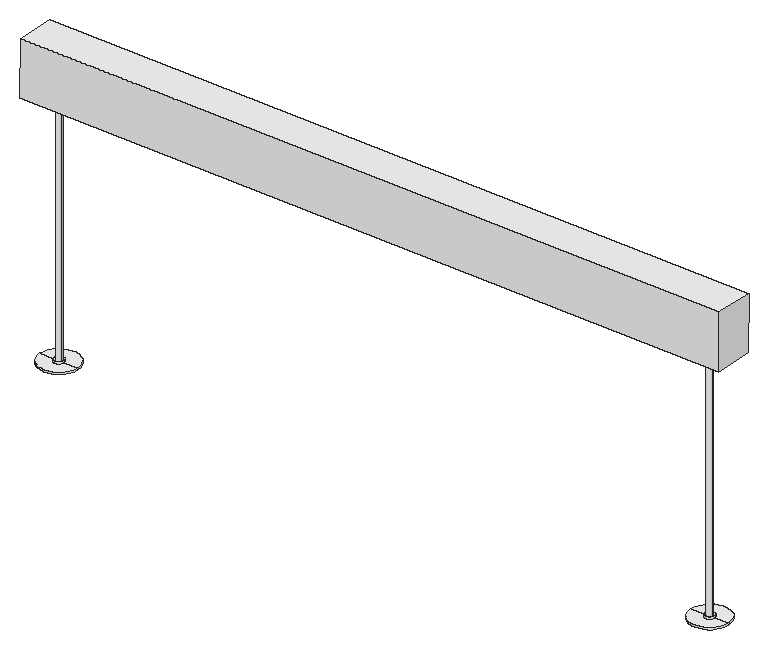
Revit family "Pursuit-P-I", category Lighting Fixtures, host Face, Revit 2014
Parameters (values of type "RN-P-I-04")
  zz Length 2 [instance] = if(Pendant Height < 16.30", 16.30", if(Pendant Height > 40.50", 40.50", Pendant Height)) - 3.65"  # 16.35"
  Wattage = 13 W
  Warranty = "5-Years Warranty"  # constant formula
  built-in parameter 1150110 = 1 (stored number, unit not read)
  Voltage = 120 V
  Type Comments = "Lighting Fixture"  # constant formula
  built-in parameter 1114217 = 1 (stored number, unit not read)
  Tilt Angle = -90.00°
  built-in parameter 1150109 = 1 (stored number, unit not read)
  built-in parameter 1150134 = (empty or 0)
  built-in parameter 1150113 = 1 (stored number, unit not read)
  Product Page URL = "https://www.hubbell.com/architecturalarealighting/en/Products/Lighting-Controls/Commercial-Outdoor-Lighting/Wall-Mount/Pursuit-Family/p/2834000"
  Product Documentation Link = "https://hubbellcdn.com/specsheet/aal_rni_spec.pdf"
  Power Factor = 1
  Photometric Web File = "RN-U-2-10-3K8-SM.ies"
  Photometric Notes = "More IES files download on Photometric Link"  # constant formula
  Photometric Link = "https://www.hubbell.com/architecturalarealighting/en/Products/Lighting-Controls/Commercial-Outdoor-Lighting/Wall-Mount/Pursuit-Family/p/2834000"
  Pendant Height [instance] = 20.00"
  zz Length 1 = 48.00"
  Wattage Comments = ""
  URL = "https://www.hubbell.com/architecturalarealighting/en/"
  Mounting = "Pendant"  # constant formula
  Model = "Pursuit - Pendant Indirect"  # constant formula
  Manufacturer = "Architectural Area Lighting"  # constant formula
  built-in parameter 1150105 = 128.28 (stored number, unit not read)
  Lumens = 1612 lm
  built-in parameter 1150115 = 1 (stored number, unit not read)
  Load Classification = Lighting
  built-in parameter 1150137 = (empty or 0)
  built-in parameter 1150139 = (empty or 0)
  built-in parameter 1150112 = 1 (stored number, unit not read)
  built-in parameter 1150114 = 1 (stored number, unit not read)
  Lamp = "LED"  # constant formula
  built-in parameter 1150132 = (empty or 0)
  built-in parameter 1150102 = (empty or 0)
  built-in parameter 1150107 = 3500 (stored number, unit not read)
  built-in parameter 1150138 = (empty or 0)
  built-in parameter 1150106 = 1.2828 (stored number, unit not read)
  Glass = Glass - Hubbell - White
  Fixture Distribution = "Indirect"  # constant formula
  Emit from Rectangle Width = zz Length 1 - 1.00"  # 47.00"
  Emit from Rectangle Length = 2.00"  # constant formula
  Emit Shape Visible in Rendering = no
  built-in parameter 1150104 = 11.52 (stored number, unit not read)
  Dimming Lamp Color Temperature Shift = <None>
  Description = "Linear Unlimted Low profile linear form factor seamlessly blends with the architecture - day or night. Individual housing lengths can be connected with external lens for seamless and continuous runs up to 150' to meet a variety of applications"  # constant formula
  Default Elevation = 48.00"
  Create Date = "07/17/2018"  # constant formula
  Copyright = "Copyright © 2018 AAL"  # constant formula
  Contact Us = "https://www.hubbell.com/architecturalarealighting/en/contactUs"
  Color Filter = 16777215
  built-in parameter 1114218 = 1 (stored number, unit not read)
  Housing Material = Paint - Hubbell - White
  built-in parameter 1150133 = 10 (stored number, unit not read)
  Assembly Code = "D5020200"
  Apparent Load = 0 VA
Types (6): name | zz Length 1 | Emit from Rectangle Width
  (no name) | 48.00" | 47.00"
  RN-P-I-02 | 24.00" | 23.00"
  RN-P-I-03 | 36.00" | 35.00"
  RN-P-I-04 | 48.00" | 47.00"
  RN-P-I-06 | 72.00" | 71.00"
  RN-P-I-08 | 96.00" | 95.00"
Reference planes (in)
  plane 1 "Center (Front/Back)": y = 13.01342
  plane 2: z = 0
  plane 3 "Center (Left/Right)": x = 0
  plane 4: x = -24
  plane 5: x = 24
  plane 6: x = -22.37
  plane 7: x = 22.37
  plane 8: z = 0.25
  plane 9: z = 19.1
  plane 10: z = 16.35
  plane 11: z = 20
  plane 12: z = 16.85
Forms (in)
  Revolve 1, solid, material "Paint - Hubbell - White" <- "Housing Material"
    sketch origin (5.75, 13.01342, 0) x (1, 0, 0) y (0, 0, 1)
      loop
        line (-28.12, 16.35) -> (-28.12, 0) -> (-27.76844, 0) -> (-27.76844, 0.04879) -> (-26.82681, 0.04879) -> (-26.82681, 0.16609) -> (-27.79969, 0.16609) -> (-27.79969, 0.25) -> (-27.9325, 0.25) -> (-27.9325, 16.2875) -> (-27.79969, 16.2875) -> (-27.79969, 16.35) -> (-28.12, 16.35)
      axis (-28.12, 16.35) -> (-28.12, 0)
    angle from 0 to 360
  Revolve 2, solid, material "Paint - Hubbell - White" <- "Housing Material"
    sketch origin (-5.75, 13.01342, 0) x (-1, 0, 0) y (0, 0, -1)
      loop
        line (-28.12, -16.35) -> (-27.79969, -16.35) -> (-27.79969, -16.2875) -> (-27.9325, -16.2875) -> (-27.9325, -0.25) -> (-27.79969, -0.25) -> (-27.79969, -0.16609) -> (-26.82681, -0.16609) -> (-26.82681, -0.04879) -> (-27.76844, -0.04879) -> (-27.76844, 0) -> (-28.12, 0) -> (-28.12, -16.35)
      axis (-28.12, -16.35) -> (-28.12, 0)
    angle from 0 to 360
Dimensions and locks (in)
  equal spacing: plane 5, plane 3 "Center (Left/Right)", plane 4
  "zz Length 1": plane 5 to plane 4
  locked: plane 8 to plane 2 at 0.25
  locked: plane 6 to plane 4 at 1.63
  locked: plane 5 to plane 7 at 1.63
  "zz Length 2": plane 10 to plane 2
  locked: plane 11 to plane 10 at 3.65
  locked: plane 9 to plane 10 at 2.75
  locked: plane 12 to plane 10 at 0.5
  aligned and locked: plane 2 to host face
  aligned and locked: level to host face
  aligned and locked: plane 3 "Center (Left/Right)" to nested 1
  aligned and locked: plane 1 "Center (Front/Back)" to nested 1
  aligned and locked: Revolve 1 sketch curve to Revolve 1 sketch curve
  aligned and locked: plane 8 to Revolve 1
  aligned and locked: plane 3 "Center (Left/Right)" to imposter light
  aligned and locked: Revolve 2 sketch curve to Revolve 2 sketch curve
  aligned and locked: plane 12 to imposter light
Automatic sketch dimensions
  host sketch curve to host sketch curve = 96.00"  (x2)
  Revolve 1 sketch curve to plane 6 = 0.00"
  Revolve 1 sketch curve to plane 8 = 0.00"
  Revolve 1 sketch curve to level = 0.00"
  plane 6 to Revolve 1 sketch curve = 0.1875"
  Revolve 1 sketch curve to Revolve 1 sketch curve = 0.13281"  (x2)
  Revolve 1 sketch curve to Revolve 1 sketch curve = 0.03125"
  Revolve 1 sketch curve to plane 8 = 0.08391"
  Revolve 1 sketch curve to Revolve 1 sketch curve = 0.94163"
  level to Revolve 1 sketch curve = 0.04879"
  plane 8 to Revolve 1 sketch curve = 0.66777"
  Revolve 1 sketch curve to Revolve 1 sketch curve = 5.48274"
  Revolve 2 sketch curve to plane 7 = 0.00"
  Revolve 2 sketch curve to plane 8 = 0.00"
  Revolve 2 sketch curve to level = 0.00"
  Revolve 2 sketch curve to plane 7 = 0.1875"
  Revolve 2 sketch curve to Revolve 2 sketch curve = 0.13281"  (x2)
  Revolve 2 sketch curve to Revolve 2 sketch curve = 0.03125"
  Revolve 2 sketch curve to plane 8 = 0.08391"
  Revolve 2 sketch curve to Revolve 2 sketch curve = 0.94163"
  level to Revolve 2 sketch curve = 0.04879"
  Revolve 2 sketch curve to Revolve 2 sketch curve = 5.48274"
  plane 8 to Revolve 2 sketch curve = 0.66777"
  Revolve 1 sketch curve to plane 9 = 2.8125"
  Revolve 1 sketch curve to Revolve 1 sketch curve = 0.0625"
  Revolve 2 sketch curve to plane 9 = 2.8125"
  Revolve 2 sketch curve to Revolve 2 sketch curve = 0.0625"
Nested families (in)
  nested 1: "Pendent Indirect" at (-0.01104, 12.97343, 16.35), Glass <- "Glass", Backbox <- "Housing Material", Length <- "zz Length 1", type "Pendent Indirect"
    with Length 48.00", Glass Glass - Hubbell - White, Backbox Paint - Hubbell - White
Connectors (in)
  electrical at (0, 13.01342, 16.35), driven by "Load Classification", driven by "Voltage", driven by "Apparent Load", driven by "Power Factor"
    settings: on nested 1, index 1, voltage 120 V, apparent load 0 VA, apparent load phase1 0 VA, apparent load phase2 0 VA, apparent load phase3 0 VA, power factor 1, load classification "Lighting", number of poles 1, system type 30, power factor state 1, is connector primary yes, connector utility no, sub classification motor no, connector description "Electrical Connector"
Definition of nested family "Pendent Indirect"
  Parameters (values of type "Pendent Indirect")
    Wattage Comments = ""
    URL = ""
    Model = ""
    Manufacturer = ""
    Length [instance] = 36.00"
    Lamp = ""
    Glass [instance] = none
    Description = ""
    Default Elevation = 48.00"
    Backbox [instance] = none
  Reference planes (in)
    plane 1 "Center (Front/Back)": y = 0.03999
    plane 2: z = 0
    plane 3 "Center (Left/Right)": x = 0.01104
    plane 4: z = 3.65
    plane 5: z = 1
    plane 6: x = -17.98896
    plane 7: x = 18.01104
    plane 8: x = -17.48896
    plane 9: x = 17.51104
    plane 10: y = 1.22499
    plane 11: y = -1.14501
    plane 12: y = -1.23501
    plane 13: y = 1.31499
    plane 14: z = 0.125
    plane 15: z = 3.525
    plane 16: x = -15.48896
    plane 17: x = 15.51104
  Forms (in)
    Extrusion 1, solid
      sketch origin (0, 0, 0.06357) x (1, 0, 0) y (0, 1, 0)
        loop
          line (-48, 48) -> (-48, -48) -> (48, -48) -> (48, 48) -> (-48, 48)
      from -0.06357 to -12.81105
    Extrusion 2, solid, material <- "Backbox"
      sketch origin (0.01104, 0, 0) x (0, 1, 0) y (0, 0, 1)
        loop
          line (1.31499, 3.65) -> (-1.23501, 3.65) -> (-1.23501, 0) -> (1.31499, 0) -> (1.31499, 3.65)
      from -18 to 18
    Extrusion 3, solid, material <- "Glass"
      sketch origin (0, 0, 0.7875) x (1, 0, 0) y (0, 1, 0)
        loop
          line (-15.48896, 1.22499) -> (-15.48896, -1.14501) -> (15.51104, -1.14501) -> (15.51104, 1.22499) -> (-15.48896, 1.22499)
      from -0.7875 to -0.6625
    Extrusion 4, void
      sketch origin (-23.78896, 8.13374, 0) x (-1, 0, 0) y (0, 1, 0)
        loop
          line (-8.3, -6.90875) -> (-39.3, -6.90875) -> (-39.3, -9.27875) -> (-8.3, -9.27875) -> (-8.3, -6.90875)
      from 0 to -1
  Cuts and joins
    Extrusion 4 cuts Extrusion 2
  Dimensions and locks (in)
    "Length": plane 7 to plane 6
    locked: plane 8 to plane 6 at 0.5
    locked: plane 7 to plane 9 at 0.5
    equal spacing: plane 7, plane 3 "Center (Left/Right)", plane 6
    plane 4 to plane 2 = 3.65"
    locked: plane 14 to plane 2 at 0.125
    locked: plane 5 to plane 2 at 1
    locked: plane 4 to plane 15 at 0.125
    equal spacing: plane 10, plane 1 "Center (Front/Back)", plane 11
    locked: plane 13 to plane 10 at 0.09
    locked: plane 11 to plane 12 at 0.09
    locked: plane 13 to plane 12 at 2.55
    locked: plane 16 to plane 6 at 2.5
    locked: plane 7 to plane 17 at 2.5
    aligned and locked: plane 2 to Extrusion 1
    aligned and locked: plane 4 to Extrusion 2 sketch curve
    aligned and locked: plane 13 to Extrusion 2 sketch curve
    aligned and locked: Extrusion 2 sketch curve to level
    aligned and locked: plane 12 to Extrusion 2 sketch curve
    aligned and locked: Extrusion 2 to plane 6
    aligned and locked: plane 7 to Extrusion 2
    aligned and locked: Extrusion 3 to plane 16
    aligned and locked: Extrusion 3 to plane 17
    aligned and locked: Extrusion 4 to Extrusion 3
    aligned and locked: Extrusion 3 to Extrusion 4
    aligned and locked: Extrusion 4 to level
  Automatic sketch dimensions
    Extrusion 1 sketch curve to Extrusion 1 sketch curve = 96.00"  (x2)
    Extrusion 3 sketch curve to plane 11 = 0.00"
    Extrusion 3 sketch curve to plane 16 = 0.00"
    Extrusion 3 sketch curve to plane 17 = 0.00"
    plane 10 to Extrusion 3 sketch curve = 0.00"
    Extrusion 4 sketch curve to plane 9 = 2.00"
    plane 8 to Extrusion 4 sketch curve = 2.00"
    plane 10 to Extrusion 4 sketch curve = 0.00"
    Extrusion 4 sketch curve to plane 11 = 0.00"
